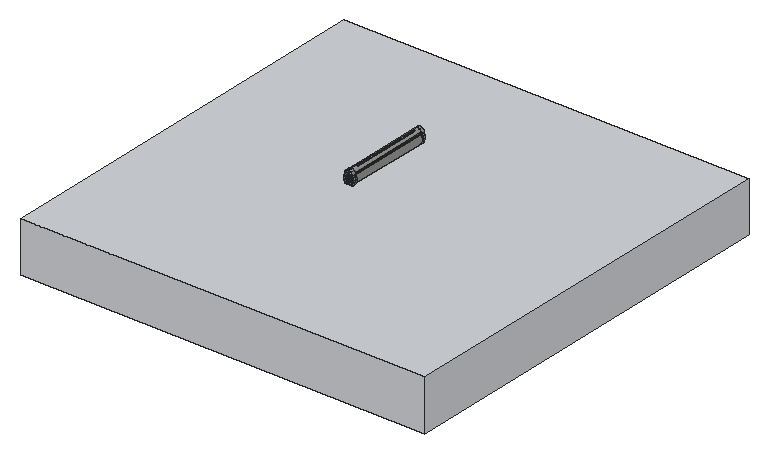
Revit family "L-trade II_body Easy Lock", category Обобщенные модели, Revit 2017
Family settings
  Основа = Грань
  Может служить основой для арматурных стержней = Нет
  Размер круглого соединителя = Использовать диаметр
  Тип детали = Нормальный
  При загрузке вырезать с полостями = Нет
  Общий = Нет
  Точка расчета площади = Нет
Parameters
  Расстояние от светильника до плоскости = 250 mm
  Default Elevation = 1219.2 mm
  Начало выдавливания = Длина профиля / 2 * (-1)  # -250 mm
  Конец выдавливания = Длина профиля / 2  # 250 mm
  Длина профиля = 500 mm
Reference planes
  plane 1 "По центру (Вперед/Назад)": y = 0
  plane 2: z = 0
  plane 3 "По центру (Влево/Вправо)": x = 0
  plane 4 "Плоскость расположения светильника": z = 250
Forms (mm)
  Extrusion 1, solid
    sketch origin (0, 0, 0) x (1, 0, 0) y (0, 1, 0)
      loop
        line (-1219.2, 1219.2) -> (-1219.2, -1219.2) -> (1219.2, -1219.2) -> (1219.2, 1219.2) -> (-1219.2, 1219.2)
    from 0 to -304.8
  Extrusion 2, solid, material "Алюминий"
    sketch origin (-0.012, 0, 76.46) x (0, 0, 1) y (1, 0, 0)
      loop
        line (118.04, 2.584) -> (119.04, 2.584) -> (119.04, 4.637) -> (123.497, 4.637) -> (123.497, -4.637) -> (119.04, -4.637) -> (119.04, -2.584) -> (118.04, -2.584) -> (118.04, -21.594)
        arc (118.04, -21.594) -> (118.745, -23.295) -> (120.446, -24) r 2.406
        line (120.446, -24) -> (167.14, -24) -> (167.481, -23.065)
        arc (167.481, -23.065) -> (167.917, -20.445) -> (169.02, -22.862) r 1.389
        line (169.02, -22.862) -> (170.267, -23.744)
        arc (170.267, -23.744) -> (171.573, -24.107) -> (172.811, -23.557) r 2.006
        arc (172.811, -23.557) -> (173.124, -23.273) -> (173.54, -23.2) r 0.757
        line (173.54, -23.2) -> (173.54, -22.236) -> (172.7, -22.236) -> (172.127, -22.808)
        arc (172.127, -22.808) -> (170.724, -22.808) -> (170.724, -21.405) r 0.992
        arc (170.724, -21.405) -> (170.972, -21.083) -> (171.127, -20.708) r 1.556
        line (171.127, -20.708) -> (171.127, -18.337)
        arc (171.127, -18.337) -> (172.044, -16.858) -> (172.54, -18.526) r 0.954
        line (172.54, -18.526) -> (172.54, -19.814) -> (173.54, -19.814) -> (173.54, -19.013)
        arc (173.54, -19.013) -> (173.942, -17.804) -> (173.54, -16.594) r 2.024
        line (173.54, -16.594) -> (173.54, -4.465) -> (172.54, -4.465) -> (172.54, -5.495) -> (171.341, -5.495) -> (171.341, 5.495) -> (172.54, 5.495) -> (172.54, 4.465) -> (173.54, 4.465) -> (173.54, 16.594)
        arc (173.54, 16.594) -> (173.942, 17.804) -> (173.54, 19.013) r 2.024
        line (173.54, 19.013) -> (173.54, 19.814) -> (172.54, 19.814) -> (172.54, 18.526)
        arc (172.54, 18.526) -> (172.044, 16.858) -> (171.127, 18.337) r 0.954
        line (171.127, 18.337) -> (171.127, 20.708)
        arc (171.127, 20.708) -> (170.972, 21.083) -> (170.724, 21.405) r 1.556
        arc (170.724, 21.405) -> (170.724, 22.808) -> (172.127, 22.808) r 0.992
        line (172.127, 22.808) -> (172.7, 22.236) -> (173.54, 22.236) -> (173.54, 23.2)
        arc (173.54, 23.2) -> (173.124, 23.273) -> (172.811, 23.557) r 0.757
        arc (172.811, 23.557) -> (171.573, 24.107) -> (170.267, 23.744) r 2.006
        line (170.267, 23.744) -> (169.02, 22.862)
        arc (169.02, 22.862) -> (167.917, 20.445) -> (167.481, 23.065) r 1.389
        line (167.481, 23.065) -> (167.14, 24) -> (120.446, 24)
        arc (120.446, 24) -> (118.745, 23.295) -> (118.04, 21.594) r 2.406
        line (118.04, 21.594) -> (118.04, 2.584)
      loop
        line (119.04, 5.63) -> (124.468, 5.63) -> (124.468, -5.63) -> (119.04, -5.63) -> (119.04, -21.595)
        arc (119.04, -21.595) -> (119.452, -22.589) -> (120.445, -23) r 1.405
        line (120.445, -23) -> (165.938, -23)
        arc (165.938, -23) -> (166.807, -19.727) -> (170.122, -20.419) r 2.462
        line (170.122, -20.419) -> (170.122, -18.738)
        arc (170.122, -18.738) -> (170.372, -16.497) -> (172.54, -15.878) r 2.024
        line (172.54, -15.878) -> (172.54, -6.488) -> (170.32, -6.488) -> (170.32, 6.488) -> (172.54, 6.488) -> (172.54, 15.878)
        arc (172.54, 15.878) -> (170.372, 16.497) -> (170.122, 18.738) r 2.024
        line (170.122, 18.738) -> (170.122, 20.419)
        arc (170.122, 20.419) -> (166.807, 19.727) -> (165.938, 23) r 2.462
        line (165.938, 23) -> (120.445, 23)
        arc (120.445, 23) -> (119.452, 22.589) -> (119.04, 21.595) r 1.405
        line (119.04, 21.595) -> (119.04, 5.63)
    from -250 <- "Начало выдавливания" to 250 <- "Конец выдавливания"
  Extrusion 3, solid, material "Стекло, прозрачное остекление"
    sketch origin (-0.012, 0.083, 76.46) x (-1, 0, 0) y (0, 0, -1)
      loop
        arc (0, -194.275) -> (-14.722, -188.177) -> (-20.82, -173.455) r 20.82
        line (-20.82, -173.455) -> (-20.82, -172.351) -> (-18.381, -172.351) -> (-18.381, -171.214) -> (-22.1, -171.214) -> (-22.1, -173.455)
        arc (-22.1, -173.455) -> (-15.627, -189.082) -> (0, -195.555) r 22.1
        arc (0, -195.555) -> (15.627, -189.082) -> (22.1, -173.455) r 22.1
        line (22.1, -173.455) -> (22.1, -171.214) -> (18.381, -171.214) -> (18.381, -172.351) -> (20.82, -172.351) -> (20.82, -173.455)
        arc (20.82, -173.455) -> (14.722, -188.177) -> (0, -194.275) r 20.82
    from -250 <- "Начало выдавливания" to 250 <- "Конец выдавливания"
  Extrusion 4, solid, material "Поликарбонат, прозрачный"
    sketch origin (-0.012, 250, 76.46) x (0, 0, 1) y (1, 0, 0)
      loop
        arc (174.679, 23.068) -> (170.853, 25.25) -> (166.448, 25.269) r 8.666
        arc (166.448, 25.269) -> (163.082, 24.713) -> (160.451, 26.885) r 4.12
        line (160.451, 26.885) -> (158.904, 30.055)
        arc (158.904, 30.055) -> (157.603, 31.441) -> (155.771, 31.952) r 3.536
        line (155.771, 31.952) -> (147.501, 31.952) -> (139.23, 31.952)
        arc (139.23, 31.952) -> (137.398, 31.441) -> (136.097, 30.055) r 3.536
        line (136.097, 30.055) -> (134.555, 26.879)
        arc (134.555, 26.879) -> (131.915, 24.702) -> (128.54, 25.271) r 4.12
        arc (128.54, 25.271) -> (124.448, 26.439) -> (120.446, 24.991) r 6.919
        arc (120.446, 24.991) -> (118.044, 23.996) -> (117.049, 21.594) r 3.397
        line (117.049, 21.594) -> (117.049, 4.657)
        arc (117.049, 4.657) -> (117.348, 3.936) -> (118.069, 3.637) r 1.02
        line (118.069, 3.637) -> (123.022, 3.637) -> (123.022, -3.637) -> (118.069, -3.637)
        arc (118.069, -3.637) -> (117.348, -3.936) -> (117.049, -4.657) r 1.02
        line (117.049, -4.657) -> (117.049, -21.594)
        arc (117.049, -21.594) -> (118.044, -23.996) -> (120.446, -24.991) r 3.397
        arc (120.446, -24.991) -> (124.448, -26.439) -> (128.54, -25.271) r 6.919
        arc (128.54, -25.271) -> (131.915, -24.702) -> (134.555, -26.879) r 4.12
        line (134.555, -26.879) -> (136.097, -30.055)
        arc (136.097, -30.055) -> (137.398, -31.441) -> (139.23, -31.952) r 3.536
        line (139.23, -31.952) -> (147.501, -31.952) -> (155.771, -31.952)
        arc (155.771, -31.952) -> (157.603, -31.441) -> (158.904, -30.055) r 3.536
        line (158.904, -30.055) -> (160.451, -26.885)
        arc (160.451, -26.885) -> (163.082, -24.713) -> (166.448, -25.269) r 4.12
        arc (166.448, -25.269) -> (170.853, -25.25) -> (174.679, -23.068) r 8.666
        arc (174.679, -23.068) -> (190.216, -15.896) -> (196.555, 0) r 23.1
        arc (196.555, 0) -> (190.216, 15.896) -> (174.679, 23.068) r 23.1
      loop
        arc (173.774, 21.098) -> (170.823, 23.167) -> (167.226, 23.398) r 6.666
        arc (167.226, 23.398) -> (162.371, 22.836) -> (158.653, 26.008) r 6.12
        line (158.653, 26.008) -> (157.122, 29.148)
        arc (157.122, 29.148) -> (156.557, 29.736) -> (155.771, 29.952) r 1.536
        line (155.771, 29.952) -> (147.501, 29.952) -> (139.23, 29.952)
        arc (139.23, 29.952) -> (138.445, 29.736) -> (137.88, 29.149) r 1.536
        line (137.88, 29.149) -> (136.354, 26.005)
        arc (136.354, 26.005) -> (132.435, 22.771) -> (127.423, 23.612) r 6.12
        arc (127.423, 23.612) -> (124.205, 24.42) -> (121.206, 23) r 4.919
        arc (121.206, 23) -> (120.518, 23.044) -> (119.853, 22.859) r 2.071
        arc (119.853, 22.859) -> (119.267, 22.344) -> (119.049, 21.594) r 1.397
        line (119.049, 21.594) -> (119.049, 5.637) -> (125.022, 5.637) -> (125.022, -5.637) -> (119.049, -5.637) -> (119.049, -21.594)
        arc (119.049, -21.594) -> (119.267, -22.344) -> (119.853, -22.859) r 1.397
        arc (119.853, -22.859) -> (120.518, -23.044) -> (121.206, -23) r 2.071
        arc (121.206, -23) -> (124.205, -24.42) -> (127.423, -23.612) r 4.919
        arc (127.423, -23.612) -> (132.435, -22.771) -> (136.354, -26.005) r 6.12
        line (136.354, -26.005) -> (137.88, -29.149)
        arc (137.88, -29.149) -> (138.445, -29.736) -> (139.23, -29.952) r 1.536
        line (139.23, -29.952) -> (147.501, -29.952) -> (155.771, -29.952)
        arc (155.771, -29.952) -> (156.557, -29.736) -> (157.122, -29.148) r 1.536
        line (157.122, -29.148) -> (158.653, -26.008)
        arc (158.653, -26.008) -> (162.371, -22.836) -> (167.226, -23.398) r 6.12
        arc (167.226, -23.398) -> (170.823, -23.167) -> (173.774, -21.098) r 6.666
        arc (173.774, -21.098) -> (188.487, -14.807) -> (194.555, 0) r 21.1
        arc (194.555, 0) -> (188.487, 14.807) -> (173.774, 21.098) r 21.1
    from 0 to 18
  Extrusion 5, solid
    sketch origin (-0.012, 250, 76.46) x (0, 0, -1) y (1, 0, 0)
      loop
        arc (-173.774, 21.098) -> (-188.487, 14.807) -> (-194.555, 0) r 21.1
        arc (-194.555, 0) -> (-188.487, -14.807) -> (-173.774, -21.098) r 21.1
        arc (-173.774, -21.098) -> (-170.823, -23.167) -> (-167.226, -23.398) r 6.666
        arc (-167.226, -23.398) -> (-162.371, -22.836) -> (-158.653, -26.008) r 6.12
        line (-158.653, -26.008) -> (-157.122, -29.148)
        arc (-157.122, -29.148) -> (-156.557, -29.736) -> (-155.771, -29.952) r 1.536
        line (-155.771, -29.952) -> (-147.501, -29.952) -> (-139.23, -29.952)
        arc (-139.23, -29.952) -> (-138.445, -29.736) -> (-137.88, -29.149) r 1.536
        line (-137.88, -29.149) -> (-136.354, -26.005)
        arc (-136.354, -26.005) -> (-132.435, -22.771) -> (-127.423, -23.612) r 6.12
        arc (-127.423, -23.612) -> (-124.205, -24.42) -> (-121.206, -23) r 4.919
        arc (-121.206, -23) -> (-120.518, -23.044) -> (-119.853, -22.859) r 2.071
        arc (-119.853, -22.859) -> (-119.267, -22.344) -> (-119.049, -21.594) r 1.397
        line (-119.049, -21.594) -> (-119.049, -5.637) -> (-125.022, -5.637) -> (-125.022, 0) -> (-125.022, 5.637) -> (-119.049, 5.637) -> (-119.049, 21.594)
        arc (-119.049, 21.594) -> (-119.267, 22.344) -> (-119.853, 22.859) r 1.397
        arc (-119.853, 22.859) -> (-120.518, 23.044) -> (-121.206, 23) r 2.071
        arc (-121.206, 23) -> (-124.205, 24.42) -> (-127.423, 23.612) r 4.919
        arc (-127.423, 23.612) -> (-132.435, 22.771) -> (-136.354, 26.005) r 6.12
        line (-136.354, 26.005) -> (-137.88, 29.149)
        arc (-137.88, 29.149) -> (-138.445, 29.736) -> (-139.23, 29.952) r 1.536
        line (-139.23, 29.952) -> (-147.501, 29.952) -> (-155.771, 29.952)
        arc (-155.771, 29.952) -> (-156.557, 29.736) -> (-157.122, 29.148) r 1.536
        line (-157.122, 29.148) -> (-158.653, 26.008)
        arc (-158.653, 26.008) -> (-162.371, 22.836) -> (-167.226, 23.398) r 6.12
        arc (-167.226, 23.398) -> (-170.823, 23.167) -> (-173.774, 21.098) r 6.666
    from 0 to -1
  Extrusion 6, solid, material "Каучук, черный"
    sketch origin (-0.012, 251, 76.46) x (0, 0, 1) y (1, 0, 0)
      loop
        line (147.501, 21.281) -> (142.525, 21.281)
        arc (142.525, 21.281) -> (141.377, 21.052) -> (140.404, 20.402) r 3
        line (140.404, 20.402) -> (134.629, 14.627)
        arc (134.629, 14.627) -> (133.979, 13.654) -> (133.75, 12.506) r 3
        line (133.75, 12.506) -> (133.75, 6.586)
        arc (133.75, 6.586) -> (134.776, 4.111) -> (137.25, 3.086) r 3.5
        line (137.25, 3.086) -> (147.501, 3.086) -> (157.751, 3.086)
        arc (157.751, 3.086) -> (160.226, 4.111) -> (161.251, 6.586) r 3.5
        line (161.251, 6.586) -> (161.251, 12.506)
        arc (161.251, 12.506) -> (161.022, 13.654) -> (160.372, 14.627) r 3
        line (160.372, 14.627) -> (154.597, 20.402)
        arc (154.597, 20.402) -> (153.624, 21.052) -> (152.476, 21.281) r 3
        line (152.476, 21.281) -> (147.501, 21.281)
      loop
        line (155.456, 13.082) -> (152.58, 13.082) -> (152.58, 6.526) -> (155.456, 6.526) -> (155.456, 13.082)
      loop
        line (139.545, 13.082) -> (139.545, 6.526) -> (142.421, 6.526) -> (142.421, 13.082) -> (139.545, 13.082)
      loop
        line (146.063, 18.411) -> (146.063, 11.854) -> (148.938, 11.854) -> (148.938, 18.411) -> (146.063, 18.411)
      loop
        line (147.501, -21.281) -> (152.476, -21.281)
        arc (152.476, -21.281) -> (153.624, -21.052) -> (154.597, -20.402) r 3
        line (154.597, -20.402) -> (160.372, -14.627)
        arc (160.372, -14.627) -> (161.022, -13.654) -> (161.251, -12.506) r 3
        line (161.251, -12.506) -> (161.251, -6.586)
        arc (161.251, -6.586) -> (160.226, -4.111) -> (157.751, -3.086) r 3.5
        line (157.751, -3.086) -> (147.501, -3.086) -> (137.25, -3.086)
        arc (137.25, -3.086) -> (134.776, -4.111) -> (133.75, -6.586) r 3.5
        line (133.75, -6.586) -> (133.75, -12.506)
        arc (133.75, -12.506) -> (133.979, -13.654) -> (134.629, -14.627) r 3
        line (134.629, -14.627) -> (140.404, -20.402)
        arc (140.404, -20.402) -> (141.377, -21.052) -> (142.525, -21.281) r 3
        line (142.525, -21.281) -> (147.501, -21.281)
      loop
        line (155.456, -13.082) -> (155.456, -6.526) -> (152.58, -6.526) -> (152.58, -13.082) -> (155.456, -13.082)
      loop
        line (139.545, -13.082) -> (142.421, -13.082) -> (142.421, -6.526) -> (139.545, -6.526) -> (139.545, -13.082)
      loop
        line (146.063, -18.411) -> (148.938, -18.411) -> (148.938, -11.854) -> (146.063, -11.854) -> (146.063, -18.411)
    from 0 to 15
  Extrusion 7, solid, material "Поликарбонат, прозрачный"
    sketch origin (-0.012, -250, 76.46) x (0, 0, -1) y (1, 0, 0)
      loop
        arc (-174.679, 23.068) -> (-190.216, 15.896) -> (-196.555, 0) r 23.1
        arc (-196.555, 0) -> (-190.216, -15.896) -> (-174.679, -23.068) r 23.1
        arc (-174.679, -23.068) -> (-170.853, -25.25) -> (-166.448, -25.269) r 8.666
        arc (-166.448, -25.269) -> (-163.082, -24.713) -> (-160.451, -26.885) r 4.12
        line (-160.451, -26.885) -> (-158.904, -30.055)
        arc (-158.904, -30.055) -> (-157.603, -31.441) -> (-155.771, -31.952) r 3.536
        line (-155.771, -31.952) -> (-147.501, -31.952) -> (-139.23, -31.952)
        arc (-139.23, -31.952) -> (-137.398, -31.441) -> (-136.097, -30.055) r 3.536
        line (-136.097, -30.055) -> (-134.555, -26.879)
        arc (-134.555, -26.879) -> (-131.915, -24.702) -> (-128.54, -25.271) r 4.12
        arc (-128.54, -25.271) -> (-124.448, -26.439) -> (-120.446, -24.991) r 6.919
        arc (-120.446, -24.991) -> (-118.044, -23.996) -> (-117.049, -21.594) r 3.397
        line (-117.049, -21.594) -> (-117.049, -4.657)
        arc (-117.049, -4.657) -> (-117.348, -3.936) -> (-118.069, -3.637) r 1.02
        line (-118.069, -3.637) -> (-123.022, -3.637) -> (-123.022, 3.637) -> (-118.069, 3.637)
        arc (-118.069, 3.637) -> (-117.348, 3.936) -> (-117.049, 4.657) r 1.02
        line (-117.049, 4.657) -> (-117.049, 21.594)
        arc (-117.049, 21.594) -> (-118.044, 23.996) -> (-120.446, 24.991) r 3.397
        arc (-120.446, 24.991) -> (-124.448, 26.439) -> (-128.54, 25.271) r 6.919
        arc (-128.54, 25.271) -> (-131.915, 24.702) -> (-134.555, 26.879) r 4.12
        line (-134.555, 26.879) -> (-136.097, 30.055)
        arc (-136.097, 30.055) -> (-137.398, 31.441) -> (-139.23, 31.952) r 3.536
        line (-139.23, 31.952) -> (-147.501, 31.952) -> (-155.771, 31.952)
        arc (-155.771, 31.952) -> (-157.603, 31.441) -> (-158.904, 30.055) r 3.536
        line (-158.904, 30.055) -> (-160.451, 26.885)
        arc (-160.451, 26.885) -> (-163.082, 24.713) -> (-166.448, 25.269) r 4.12
        arc (-166.448, 25.269) -> (-170.853, 25.25) -> (-174.679, 23.068) r 8.666
      loop
        arc (-173.774, 21.098) -> (-188.487, 14.807) -> (-194.555, 0) r 21.1
        arc (-194.555, 0) -> (-188.487, -14.807) -> (-173.774, -21.098) r 21.1
        arc (-173.774, -21.098) -> (-170.823, -23.167) -> (-167.226, -23.398) r 6.666
        arc (-167.226, -23.398) -> (-162.371, -22.836) -> (-158.653, -26.008) r 6.12
        line (-158.653, -26.008) -> (-157.122, -29.148)
        arc (-157.122, -29.148) -> (-156.557, -29.736) -> (-155.771, -29.952) r 1.536
        line (-155.771, -29.952) -> (-147.501, -29.952) -> (-139.23, -29.952)
        arc (-139.23, -29.952) -> (-138.445, -29.736) -> (-137.88, -29.149) r 1.536
        line (-137.88, -29.149) -> (-136.354, -26.005)
        arc (-136.354, -26.005) -> (-132.435, -22.771) -> (-127.423, -23.612) r 6.12
        arc (-127.423, -23.612) -> (-124.205, -24.42) -> (-121.206, -23) r 4.919
        arc (-121.206, -23) -> (-120.518, -23.044) -> (-119.853, -22.859) r 2.071
        arc (-119.853, -22.859) -> (-119.267, -22.344) -> (-119.049, -21.594) r 1.397
        line (-119.049, -21.594) -> (-119.049, -5.637) -> (-125.022, -5.637) -> (-125.022, 5.637) -> (-119.049, 5.637) -> (-119.049, 21.594)
        arc (-119.049, 21.594) -> (-119.267, 22.344) -> (-119.853, 22.859) r 1.397
        arc (-119.853, 22.859) -> (-120.518, 23.044) -> (-121.206, 23) r 2.071
        arc (-121.206, 23) -> (-124.205, 24.42) -> (-127.423, 23.612) r 4.919
        arc (-127.423, 23.612) -> (-132.435, 22.771) -> (-136.354, 26.005) r 6.12
        line (-136.354, 26.005) -> (-137.88, 29.149)
        arc (-137.88, 29.149) -> (-138.445, 29.736) -> (-139.23, 29.952) r 1.536
        line (-139.23, 29.952) -> (-147.501, 29.952) -> (-155.771, 29.952)
        arc (-155.771, 29.952) -> (-156.557, 29.736) -> (-157.122, 29.148) r 1.536
        line (-157.122, 29.148) -> (-158.653, 26.008)
        arc (-158.653, 26.008) -> (-162.371, 22.836) -> (-167.226, 23.398) r 6.12
        arc (-167.226, 23.398) -> (-170.823, 23.167) -> (-173.774, 21.098) r 6.666
    from 0 to 18
  Extrusion 8, solid
    sketch origin (-0.012, -250, 76.46) x (0, 0, 1) y (1, 0, 0)
      loop
        arc (173.774, 21.098) -> (170.823, 23.167) -> (167.226, 23.398) r 6.666
        arc (167.226, 23.398) -> (162.371, 22.836) -> (158.653, 26.008) r 6.12
        line (158.653, 26.008) -> (157.122, 29.148)
        arc (157.122, 29.148) -> (156.557, 29.736) -> (155.771, 29.952) r 1.536
        line (155.771, 29.952) -> (147.501, 29.952) -> (139.23, 29.952)
        arc (139.23, 29.952) -> (138.445, 29.736) -> (137.88, 29.149) r 1.536
        line (137.88, 29.149) -> (136.354, 26.005)
        arc (136.354, 26.005) -> (132.435, 22.771) -> (127.423, 23.612) r 6.12
        arc (127.423, 23.612) -> (124.205, 24.42) -> (121.206, 23) r 4.919
        arc (121.206, 23) -> (120.518, 23.044) -> (119.853, 22.859) r 2.071
        arc (119.853, 22.859) -> (119.267, 22.344) -> (119.049, 21.594) r 1.397
        line (119.049, 21.594) -> (119.049, 5.637) -> (125.022, 5.637) -> (125.022, 0) -> (125.022, -5.637) -> (119.049, -5.637) -> (119.049, -21.594)
        arc (119.049, -21.594) -> (119.267, -22.344) -> (119.853, -22.859) r 1.397
        arc (119.853, -22.859) -> (120.518, -23.044) -> (121.206, -23) r 2.071
        arc (121.206, -23) -> (124.205, -24.42) -> (127.423, -23.612) r 4.919
        arc (127.423, -23.612) -> (132.435, -22.771) -> (136.354, -26.005) r 6.12
        line (136.354, -26.005) -> (137.88, -29.149)
        arc (137.88, -29.149) -> (138.445, -29.736) -> (139.23, -29.952) r 1.536
        line (139.23, -29.952) -> (147.501, -29.952) -> (155.771, -29.952)
        arc (155.771, -29.952) -> (156.557, -29.736) -> (157.122, -29.148) r 1.536
        line (157.122, -29.148) -> (158.653, -26.008)
        arc (158.653, -26.008) -> (162.371, -22.836) -> (167.226, -23.398) r 6.12
        arc (167.226, -23.398) -> (170.823, -23.167) -> (173.774, -21.098) r 6.666
        arc (173.774, -21.098) -> (188.487, -14.807) -> (194.555, 0) r 21.1
        arc (194.555, 0) -> (188.487, 14.807) -> (173.774, 21.098) r 21.1
    from 0 to -1
  Extrusion 9, solid, material "Каучук, черный"
    sketch origin (-0.012, -251, 76.46) x (0, 0, -1) y (1, 0, 0)
      loop
        line (-147.501, -21.281) -> (-142.525, -21.281)
        arc (-142.525, -21.281) -> (-141.377, -21.052) -> (-140.404, -20.402) r 3
        line (-140.404, -20.402) -> (-134.629, -14.627)
        arc (-134.629, -14.627) -> (-133.979, -13.654) -> (-133.75, -12.506) r 3
        line (-133.75, -12.506) -> (-133.75, -6.586)
        arc (-133.75, -6.586) -> (-134.776, -4.111) -> (-137.25, -3.086) r 3.5
        line (-137.25, -3.086) -> (-147.501, -3.086) -> (-157.751, -3.086)
        arc (-157.751, -3.086) -> (-160.226, -4.111) -> (-161.251, -6.586) r 3.5
        line (-161.251, -6.586) -> (-161.251, -12.506)
        arc (-161.251, -12.506) -> (-161.022, -13.654) -> (-160.372, -14.627) r 3
        line (-160.372, -14.627) -> (-154.597, -20.402)
        arc (-154.597, -20.402) -> (-153.624, -21.052) -> (-152.476, -21.281) r 3
        line (-152.476, -21.281) -> (-147.501, -21.281)
      loop
        arc (-159.051, -12.415) -> (-158.973, -12.805) -> (-158.752, -13.136) r 1.021
        line (-158.752, -13.136) -> (-153.148, -18.74)
        arc (-153.148, -18.74) -> (-152.771, -18.992) -> (-152.326, -19.081) r 1.162
        line (-152.326, -19.081) -> (-147.501, -19.081) -> (-142.675, -19.081)
        arc (-142.675, -19.081) -> (-142.23, -18.992) -> (-141.853, -18.74) r 1.162
        line (-141.853, -18.74) -> (-136.249, -13.136)
        arc (-136.249, -13.136) -> (-136.028, -12.805) -> (-135.95, -12.415) r 1.021
        line (-135.95, -12.415) -> (-135.95, -6.586)
        arc (-135.95, -6.586) -> (-136.331, -5.667) -> (-137.25, -5.286) r 1.3
        line (-137.25, -5.286) -> (-147.501, -5.286) -> (-157.751, -5.286)
        arc (-157.751, -5.286) -> (-158.67, -5.667) -> (-159.051, -6.586) r 1.3
        line (-159.051, -6.586) -> (-159.051, -12.415)
      loop
        line (-147.501, 21.281) -> (-152.476, 21.281)
        arc (-152.476, 21.281) -> (-153.624, 21.052) -> (-154.597, 20.402) r 3
        line (-154.597, 20.402) -> (-160.372, 14.627)
        arc (-160.372, 14.627) -> (-161.022, 13.654) -> (-161.251, 12.506) r 3
        line (-161.251, 12.506) -> (-161.251, 6.586)
        arc (-161.251, 6.586) -> (-160.226, 4.111) -> (-157.751, 3.086) r 3.5
        line (-157.751, 3.086) -> (-147.501, 3.086) -> (-137.25, 3.086)
        arc (-137.25, 3.086) -> (-134.776, 4.111) -> (-133.75, 6.586) r 3.5
        line (-133.75, 6.586) -> (-133.75, 12.506)
        arc (-133.75, 12.506) -> (-133.979, 13.654) -> (-134.629, 14.627) r 3
        line (-134.629, 14.627) -> (-140.404, 20.402)
        arc (-140.404, 20.402) -> (-141.377, 21.052) -> (-142.525, 21.281) r 3
        line (-142.525, 21.281) -> (-147.501, 21.281)
      loop
        line (-159.051, 12.415) -> (-159.051, 6.586)
        arc (-159.051, 6.586) -> (-158.67, 5.667) -> (-157.751, 5.286) r 1.3
        line (-157.751, 5.286) -> (-147.501, 5.286) -> (-137.25, 5.286)
        arc (-137.25, 5.286) -> (-136.331, 5.667) -> (-135.95, 6.586) r 1.3
        line (-135.95, 6.586) -> (-135.95, 12.415)
        arc (-135.95, 12.415) -> (-136.028, 12.805) -> (-136.249, 13.136) r 1.021
        line (-136.249, 13.136) -> (-141.853, 18.74)
        arc (-141.853, 18.74) -> (-142.23, 18.992) -> (-142.675, 19.081) r 1.162
        line (-142.675, 19.081) -> (-147.501, 19.081) -> (-152.326, 19.081)
        arc (-152.326, 19.081) -> (-152.771, 18.992) -> (-153.148, 18.74) r 1.162
        line (-153.148, 18.74) -> (-158.752, 13.136)
        arc (-158.752, 13.136) -> (-158.973, 12.805) -> (-159.051, 12.415) r 1.021
    from 0 to 15
  Extrusion 10, solid, material "Алюминий"
    sketch origin (-0.012, -251, 76.46) x (0, 0, -1) y (1, 0, 0)
      loop
        line (-146.863, -17.611) -> (-146.863, -12.654) -> (-148.138, -12.654) -> (-148.138, -17.611) -> (-146.863, -17.611)
      loop
        line (-141.621, -12.282) -> (-140.345, -12.282) -> (-140.345, -7.326) -> (-141.621, -7.326) -> (-141.621, -12.282)
      loop
        line (-153.38, -7.326) -> (-154.656, -7.326) -> (-154.656, -12.282) -> (-153.38, -12.282) -> (-153.38, -7.326)
      loop
        line (-146.863, 17.611) -> (-148.138, 17.611) -> (-148.138, 12.654) -> (-146.863, 12.654) -> (-146.863, 17.611)
      loop
        line (-141.621, 12.282) -> (-141.621, 7.326) -> (-140.345, 7.326) -> (-140.345, 12.282) -> (-141.621, 12.282)
      loop
        line (-153.38, 7.326) -> (-153.38, 12.282) -> (-154.656, 12.282) -> (-154.656, 7.326) -> (-153.38, 7.326)
    from 0 to 14
Dimensions and locks
  "Расстояние от светильника до плоскости": plane 4 "Плоскость расположения светильника" to Extrusion 1
  aligned and locked: plane 2 to Extrusion 1
  aligned and locked: level to Extrusion 1
Automatic sketch dimensions
  Extrusion 1 sketch curve to Extrusion 1 sketch curve = 2438.4 mm  (x2)
  Extrusion 2 sketch curve to Extrusion 2 sketch curve = 0 mm  (x20)
  Extrusion 2 sketch curve to plane 4 "Плоскость расположения светильника" = 55.5 mm  (x2)
  Extrusion 2 sketch curve to Extrusion 2 sketch curve = 1 mm  (x6)
  Extrusion 2 sketch curve to Extrusion 2 sketch curve = 1.405 mm  (x2)
  Extrusion 2 sketch curve to Extrusion 2 sketch curve = 0.001 mm  (x3)
  Extrusion 2 sketch curve to Extrusion 2 sketch curve = 4.456 mm
  Extrusion 2 sketch curve to Extrusion 2 sketch curve = 0.971 mm
  Extrusion 2 sketch curve to Extrusion 2 sketch curve = 41.47 mm  (x2)
  plane 3 "По центру (Влево/Вправо)" to Extrusion 2 sketch curve = 22.988 mm
  Extrusion 2 sketch curve to Extrusion 2 sketch curve = 1.203 mm  (x2)
  plane 3 "По центру (Влево/Вправо)" to Extrusion 2 sketch curve = 23.054 mm
  Extrusion 2 sketch curve to Extrusion 2 sketch curve = 0.34 mm  (x2)
  Extrusion 2 sketch curve to Extrusion 2 sketch curve = 0.619 mm  (x2)
  Extrusion 2 sketch curve to Extrusion 2 sketch curve = 0.921 mm  (x2)
  plane 3 "По центру (Влево/Вправо)" to Extrusion 2 sketch curve = 22.85 mm
  Extrusion 2 sketch curve to Extrusion 2 sketch curve = 1.525 mm  (x2)
  Extrusion 2 sketch curve to Extrusion 2 sketch curve = 0.498 mm  (x2)
  Extrusion 2 sketch curve to Extrusion 2 sketch curve = 1.247 mm  (x2)
  plane 3 "По центру (Влево/Вправо)" to Extrusion 2 sketch curve = 23.732 mm
  Extrusion 2 sketch curve to Extrusion 2 sketch curve = 0.198 mm
  Extrusion 2 sketch curve to Extrusion 2 sketch curve = 1.005 mm  (x2)
  Extrusion 2 sketch curve to Extrusion 2 sketch curve = 1.021 mm
  Extrusion 2 sketch curve to Extrusion 2 sketch curve = 0.299 mm  (x2)
  Extrusion 2 sketch curve to Extrusion 2 sketch curve = 0.791 mm  (x2)
  Extrusion 2 sketch curve to plane 3 "По центру (Влево/Вправо)" = 22.82 mm
  Extrusion 2 sketch curve to Extrusion 2 sketch curve = 0.702 mm  (x4)
  plane 3 "По центру (Влево/Вправо)" to Extrusion 2 sketch curve = 22.797 mm
  Extrusion 2 sketch curve to Extrusion 2 sketch curve = 1.2 mm
  Extrusion 2 sketch curve to Extrusion 2 sketch curve = 0.623 mm
  Extrusion 2 sketch curve to Extrusion 2 sketch curve = 1.413 mm  (x2)
  Extrusion 2 sketch curve to Extrusion 2 sketch curve = 0.573 mm  (x3)
  Extrusion 2 sketch curve to Extrusion 2 sketch curve = 1.33 mm  (x2)
  Extrusion 2 sketch curve to Extrusion 2 sketch curve = 0.841 mm  (x2)
  Extrusion 2 sketch curve to Extrusion 2 sketch curve = 0.053 mm
  Extrusion 2 sketch curve to Extrusion 2 sketch curve = 44.595 mm
  Extrusion 2 sketch curve to Extrusion 2 sketch curve = 0.065 mm
  Extrusion 2 sketch curve to Extrusion 2 sketch curve = 0.392 mm
  Extrusion 2 sketch curve to Extrusion 2 sketch curve = 0.882 mm
  Extrusion 2 sketch curve to Extrusion 2 sketch curve = 0.753 mm  (x2)
  Extrusion 2 sketch curve to Extrusion 2 sketch curve = 0.935 mm
  Extrusion 2 sketch curve to Extrusion 2 sketch curve = 0.964 mm  (x2)
  Extrusion 2 sketch curve to Extrusion 2 sketch curve = 0.289 mm  (x2)
  Extrusion 2 sketch curve to Extrusion 2 sketch curve = 0.114 mm  (x2)
  Extrusion 2 sketch curve to Extrusion 2 sketch curve = 0.893 mm
  Extrusion 2 sketch curve to Extrusion 2 sketch curve = 0.801 mm  (x2)
  Extrusion 2 sketch curve to Extrusion 2 sketch curve = 1.567 mm
  Extrusion 2 sketch curve to Extrusion 2 sketch curve = 0.487 mm
  Extrusion 2 sketch curve to Extrusion 2 sketch curve = 0.401 mm
  Extrusion 2 sketch curve to Extrusion 2 sketch curve = 9.39 mm
  Extrusion 2 sketch curve to Extrusion 2 sketch curve = 15.964 mm
  Extrusion 2 sketch curve to Extrusion 2 sketch curve = 0.993 mm  (x4)
  Extrusion 2 sketch curve to Extrusion 2 sketch curve = 1.03 mm  (x2)
  Extrusion 2 sketch curve to Extrusion 2 sketch curve = 2.053 mm  (x2)
  Extrusion 2 sketch curve to Extrusion 2 sketch curve = 5.167 mm
  Extrusion 2 sketch curve to Extrusion 2 sketch curve = 8.93 mm
  Extrusion 2 sketch curve to Extrusion 2 sketch curve = 4.541 mm
  Extrusion 2 sketch curve to Extrusion 2 sketch curve = 0.716 mm
  Extrusion 2 sketch curve to Extrusion 2 sketch curve = 1.21 mm
  Extrusion 2 sketch curve to Extrusion 2 sketch curve = 0.533 mm
  Extrusion 3 sketch curve to Extrusion 3 sketch curve = 0 mm  (x4)
  plane 3 "По центру (Влево/Вправо)" to Extrusion 3 sketch curve = 22.088 mm
  Extrusion 3 sketch curve to Extrusion 3 sketch curve = 1.28 mm
  Extrusion 3 sketch curve to Extrusion 3 sketch curve = 2.439 mm  (x2)
  Extrusion 3 sketch curve to plane 3 "По центру (Влево/Вправо)" = 0.012 mm
  Extrusion 3 sketch curve to plane 4 "Плоскость расположения светильника" = 2.326 mm  (x2)
  Extrusion 3 sketch curve to Extrusion 3 sketch curve = 1.137 mm  (x2)
  Extrusion 3 sketch curve to Extrusion 3 sketch curve = 1.104 mm
  Extrusion 4 sketch curve to Extrusion 4 sketch curve = 0 mm  (x32)
  Extrusion 4 sketch curve to Extrusion 2 = 0 mm
  Extrusion 2 to Extrusion 4 sketch curve = 0 mm
  Extrusion 4 sketch curve to Extrusion 2 = 0.02 mm
  Extrusion 4 sketch curve to Extrusion 2 = 0.029 mm  (x2)
  Extrusion 4 sketch curve to Extrusion 4 sketch curve = 0.286 mm  (x2)
  Extrusion 2 to Extrusion 4 sketch curve = 0.475 mm
  Extrusion 2 to Extrusion 4 sketch curve = 0.219 mm  (x2)
  Extrusion 2 to Extrusion 4 sketch curve = 0.007 mm  (x2)
  Extrusion 2 to Extrusion 4 sketch curve = 0.554 mm
  Extrusion 2 to Extrusion 4 sketch curve = 6.383 mm  (x2)
  Extrusion 2 to Extrusion 4 sketch curve = 2.879 mm  (x2)
  Extrusion 4 sketch curve to Extrusion 4 sketch curve = 3.705 mm  (x2)
  Extrusion 2 to Extrusion 4 sketch curve = 6.055 mm  (x4)
  Extrusion 4 sketch curve to Extrusion 4 sketch curve = 1.541 mm  (x2)
  Extrusion 2 to Extrusion 4 sketch curve = 2.005 mm  (x2)
  Extrusion 4 sketch curve to Extrusion 4 sketch curve = 1.799 mm  (x2)
  Extrusion 2 to Extrusion 4 sketch curve = 5.149 mm  (x2)
  Extrusion 4 sketch curve to Extrusion 4 sketch curve = 1.783 mm  (x3)
  Extrusion 4 sketch curve to Extrusion 4 sketch curve = 1.35 mm  (x4)
  Extrusion 4 sketch curve to Extrusion 4 sketch curve = 8.271 mm  (x4)
  Extrusion 2 to Extrusion 4 sketch curve = 4.417 mm
  Extrusion 2 to Extrusion 4 sketch curve = 5.148 mm  (x2)
  Extrusion 2 to Extrusion 4 sketch curve = 2.008 mm  (x2)
  Extrusion 4 sketch curve to Extrusion 4 sketch curve = 1.531 mm  (x2)
  Extrusion 2 to Extrusion 4 sketch curve = 2.885 mm  (x2)
  Extrusion 4 sketch curve to Extrusion 4 sketch curve = 1.798 mm  (x2)
  Extrusion 4 sketch curve to Extrusion 4 sketch curve = 3.703 mm  (x2)
  Extrusion 2 to Extrusion 4 sketch curve = 1.509 mm  (x2)
  Extrusion 4 sketch curve to Extrusion 2 = 0.086 mm
  Extrusion 4 sketch curve to Extrusion 4 sketch curve = 1.806 mm  (x2)
  Extrusion 4 sketch curve to Extrusion 4 sketch curve = 1.804 mm  (x2)
  Extrusion 4 sketch curve to Extrusion 4 sketch curve = 0.611 mm  (x2)
  Extrusion 4 sketch curve to Extrusion 4 sketch curve = 1.459 mm
  Extrusion 4 sketch curve to Extrusion 2 = 2.936 mm  (x2)
  Extrusion 2 to Extrusion 4 sketch curve = 2.584 mm
  Extrusion 2 to Extrusion 4 sketch curve = 0.828 mm
  Extrusion 4 sketch curve to Extrusion 2 = 0.29 mm
  Extrusion 2 to Extrusion 4 sketch curve = 1.269 mm  (x2)
  Extrusion 4 sketch curve to Extrusion 2 = 0.398 mm  (x2)
  Extrusion 2 to Extrusion 4 sketch curve = 0.233 mm
  Extrusion 4 sketch curve to Extrusion 2 = 0.068 mm
  Extrusion 5 sketch curve to Extrusion 5 sketch curve = 0 mm
  Extrusion 4 to Extrusion 5 sketch curve = 0 mm  (x2)
  Extrusion 5 sketch curve to Extrusion 4 = 0 mm  (x7)
  Extrusion 4 to Extrusion 5 sketch curve = 3.944 mm  (x2)
  Extrusion 5 sketch curve to Extrusion 5 sketch curve = 8.271 mm  (x2)
  Extrusion 5 sketch curve to Extrusion 5 sketch curve = 2.876 mm  (x2)
  Extrusion 4 to Extrusion 5 sketch curve = 0.803 mm  (x2)
  Extrusion 4 to Extrusion 5 sketch curve = 3.637 mm
  Extrusion 6 sketch curve to Extrusion 5 = 8.729 mm  (x2)
  Extrusion 6 sketch curve to Extrusion 6 sketch curve = 0.879 mm  (x5)
  Extrusion 6 sketch curve to Extrusion 6 sketch curve = 2.121 mm  (x8)
  Extrusion 6 sketch curve to Extrusion 5 = 0.949 mm  (x3)
  Extrusion 6 sketch curve to Extrusion 6 sketch curve = 3.5 mm  (x2)
  Extrusion 5 to Extrusion 6 sketch curve = 2.551 mm
  Extrusion 6 sketch curve to Extrusion 6 sketch curve = 2.795 mm  (x4)
  Extrusion 6 sketch curve to Extrusion 6 sketch curve = 0.859 mm  (x2)
  Extrusion 6 sketch curve to Extrusion 6 sketch curve = 2.876 mm  (x6)
  Extrusion 6 sketch curve to Extrusion 6 sketch curve = 3.538 mm  (x4)
  Extrusion 6 sketch curve to Extrusion 6 sketch curve = 1.438 mm  (x2)
  Extrusion 6 sketch curve to Extrusion 6 sketch curve = 5.08 mm  (x3)
  Extrusion 6 sketch curve to Extrusion 5 = 0.889 mm  (x4)
  Extrusion 6 sketch curve to Extrusion 6 sketch curve = 3.642 mm
  Extrusion 6 sketch curve to Extrusion 5 = 9.55 mm  (x2)
  Extrusion 6 sketch curve to Extrusion 6 sketch curve = 2.295 mm  (x2)
  Extrusion 6 sketch curve to Extrusion 5 = 8.99 mm  (x2)
  Extrusion 6 sketch curve to Extrusion 6 sketch curve = 2.87 mm  (x2)
  Extrusion 6 sketch curve to Extrusion 6 sketch curve = 8.042 mm
  Extrusion 6 sketch curve to Extrusion 6 sketch curve = 5.199 mm  (x2)
  Extrusion 6 sketch curve to Extrusion 6 sketch curve = 1.228 mm  (x2)
  Extrusion 6 sketch curve to Extrusion 5 = 6.218 mm
  Extrusion 6 sketch curve to Extrusion 6 sketch curve = 5.92 mm
  Extrusion 6 sketch curve to Extrusion 6 sketch curve = 0.576 mm
  Extrusion 6 sketch curve to Extrusion 6 sketch curve = 3 mm
  Extrusion 7 sketch curve to Extrusion 7 sketch curve = 0 mm  (x38)
  Extrusion 7 sketch curve to Extrusion 2 = 0 mm
  Extrusion 2 to Extrusion 7 sketch curve = 0 mm
  Extrusion 7 sketch curve to Extrusion 7 sketch curve = 0.286 mm  (x2)
  Extrusion 2 to Extrusion 7 sketch curve = 0.475 mm
  Extrusion 2 to Extrusion 7 sketch curve = 0.219 mm  (x2)
  Extrusion 2 to Extrusion 7 sketch curve = 0.007 mm  (x2)
  Extrusion 2 to Extrusion 7 sketch curve = 0.554 mm
  Extrusion 2 to Extrusion 7 sketch curve = 6.383 mm  (x2)
  Extrusion 2 to Extrusion 7 sketch curve = 2.879 mm  (x2)
  Extrusion 7 sketch curve to Extrusion 7 sketch curve = 3.705 mm  (x2)
  Extrusion 2 to Extrusion 7 sketch curve = 6.055 mm  (x4)
  Extrusion 7 sketch curve to Extrusion 7 sketch curve = 1.541 mm  (x2)
  Extrusion 2 to Extrusion 7 sketch curve = 2.005 mm  (x2)
  Extrusion 7 sketch curve to Extrusion 7 sketch curve = 1.799 mm  (x2)
  Extrusion 2 to Extrusion 7 sketch curve = 5.149 mm  (x2)
  Extrusion 7 sketch curve to Extrusion 7 sketch curve = 1.783 mm  (x3)
  Extrusion 7 sketch curve to Extrusion 7 sketch curve = 1.35 mm  (x4)
  Extrusion 7 sketch curve to Extrusion 7 sketch curve = 8.271 mm  (x4)
  Extrusion 2 to Extrusion 7 sketch curve = 4.417 mm
  Extrusion 2 to Extrusion 7 sketch curve = 5.148 mm  (x2)
  Extrusion 2 to Extrusion 7 sketch curve = 2.008 mm  (x2)
  Extrusion 7 sketch curve to Extrusion 7 sketch curve = 1.531 mm  (x2)
  Extrusion 2 to Extrusion 7 sketch curve = 2.885 mm  (x2)
  Extrusion 7 sketch curve to Extrusion 7 sketch curve = 1.798 mm  (x2)
  Extrusion 7 sketch curve to Extrusion 7 sketch curve = 3.703 mm  (x2)
  Extrusion 2 to Extrusion 7 sketch curve = 1.509 mm  (x2)
  Extrusion 7 sketch curve to Extrusion 2 = 0.086 mm
  Extrusion 7 sketch curve to Extrusion 2 = 0.02 mm  (x2)
  Extrusion 7 sketch curve to Extrusion 2 = 0.029 mm  (x2)
  Extrusion 7 sketch curve to Extrusion 7 sketch curve = 1.806 mm  (x2)
  Extrusion 7 sketch curve to Extrusion 7 sketch curve = 1.804 mm  (x2)
  Extrusion 7 sketch curve to Extrusion 7 sketch curve = 0.611 mm  (x2)
  Extrusion 7 sketch curve to Extrusion 2 = 0.29 mm  (x2)
  Extrusion 7 sketch curve to Extrusion 2 = 2.936 mm  (x2)
  Extrusion 2 to Extrusion 7 sketch curve = 4.465 mm
  Extrusion 7 sketch curve to Extrusion 7 sketch curve = 1.353 mm  (x2)
  Extrusion 2 to Extrusion 7 sketch curve = 1.269 mm  (x2)
  Extrusion 7 sketch curve to Extrusion 2 = 0.398 mm  (x2)
  Extrusion 2 to Extrusion 7 sketch curve = 0.233 mm
  Extrusion 7 sketch curve to Extrusion 2 = 0.068 mm
  Extrusion 8 sketch curve to Extrusion 8 sketch curve = 0 mm
  Extrusion 8 sketch curve to Extrusion 7 = 0 mm  (x7)
  Extrusion 7 to Extrusion 8 sketch curve = 0 mm  (x2)
  Extrusion 7 to Extrusion 8 sketch curve = 0.803 mm  (x2)
  Extrusion 8 sketch curve to Extrusion 8 sketch curve = 1.35 mm  (x2)
  Extrusion 8 sketch curve to Extrusion 8 sketch curve = 8.271 mm  (x2)
  Extrusion 7 to Extrusion 8 sketch curve = 3.944 mm  (x2)
  Extrusion 7 to Extrusion 8 sketch curve = 3.637 mm
  Extrusion 9 sketch curve to Extrusion 9 sketch curve = 0 mm  (x19)
  Extrusion 9 sketch curve to Extrusion 8 = 36.229 mm
  Extrusion 9 sketch curve to Extrusion 8 = 8.99 mm  (x2)
  Extrusion 9 sketch curve to Extrusion 9 sketch curve = 0.879 mm  (x3)
  Extrusion 9 sketch curve to Extrusion 8 = 0.949 mm  (x3)
  Extrusion 9 sketch curve to Extrusion 9 sketch curve = 2.2 mm  (x2)
  Extrusion 9 sketch curve to Extrusion 8 = 7.499 mm  (x2)
  Extrusion 9 sketch curve to Extrusion 9 sketch curve = 0.299 mm  (x4)
  Extrusion 9 sketch curve to Extrusion 9 sketch curve = 0.501 mm  (x4)
  Extrusion 9 sketch curve to Extrusion 9 sketch curve = 0.221 mm  (x4)
  Extrusion 9 sketch curve to Extrusion 9 sketch curve = 1.3 mm  (x2)
  Extrusion 9 sketch curve to Extrusion 8 = 9.55 mm  (x4)
  Extrusion 9 sketch curve to Extrusion 8 = 11.212 mm  (x4)
  Extrusion 9 sketch curve to Extrusion 9 sketch curve = 1.45 mm  (x4)
  Extrusion 9 sketch curve to Extrusion 9 sketch curve = 0.672 mm  (x3)
  Extrusion 9 sketch curve to Extrusion 9 sketch curve = 2.121 mm
  Extrusion 9 sketch curve to Extrusion 9 sketch curve = 0.15 mm  (x4)
  Extrusion 9 sketch curve to Extrusion 9 sketch curve = 1.62 mm  (x2)
  Extrusion 9 sketch curve to Extrusion 9 sketch curve = 0.8 mm
  Extrusion 9 sketch curve to Extrusion 9 sketch curve = 8.042 mm
  Extrusion 9 sketch curve to Extrusion 9 sketch curve = 0.63 mm
  Extrusion 9 sketch curve to Extrusion 9 sketch curve = 0.091 mm
  Extrusion 9 sketch curve to Extrusion 9 sketch curve = 0.822 mm
  Extrusion 9 sketch curve to Extrusion 9 sketch curve = 0.362 mm
  Extrusion 9 sketch curve to Extrusion 9 sketch curve = 5.775 mm  (x2)
  Extrusion 9 sketch curve to Extrusion 9 sketch curve = 10.25 mm  (x2)
  Extrusion 9 sketch curve to Extrusion 9 sketch curve = 4.825 mm  (x3)
  Extrusion 9 sketch curve to Extrusion 9 sketch curve = 4.975 mm
  Extrusion 9 sketch curve to Extrusion 9 sketch curve = 0.279 mm
  Extrusion 9 sketch curve to Extrusion 9 sketch curve = 5.829 mm
  Extrusion 10 sketch curve to Extrusion 8 = 6.645 mm
  Extrusion 10 sketch curve to Extrusion 8 = 29.635 mm
  Extrusion 10 sketch curve to Extrusion 8 = 1.689 mm  (x4)
  Extrusion 10 sketch curve to Extrusion 10 sketch curve = 0 mm
  Extrusion 10 sketch curve to Extrusion 10 sketch curve = 1.276 mm  (x6)
  Extrusion 10 sketch curve to Extrusion 10 sketch curve = 5.242 mm  (x4)
  Extrusion 10 sketch curve to Extrusion 10 sketch curve = 0.372 mm  (x3)
  Extrusion 10 sketch curve to Extrusion 10 sketch curve = 4.957 mm  (x4)
  radius of Extrusion 2 to Extrusion 4 sketch curve = 0.991 mm  (x2)
  radius of Extrusion 4 sketch curve to Extrusion 2 = 1.009 mm  (x2)
  radius of Extrusion 5 sketch curve to Extrusion 4 = 0 mm  (x15)
  radius of Extrusion 2 to Extrusion 7 sketch curve = 0.991 mm  (x2)
  radius of Extrusion 7 sketch curve to Extrusion 2 = 1.009 mm  (x2)
  radius of Extrusion 8 sketch curve to Extrusion 7 = 0 mm  (x15)
